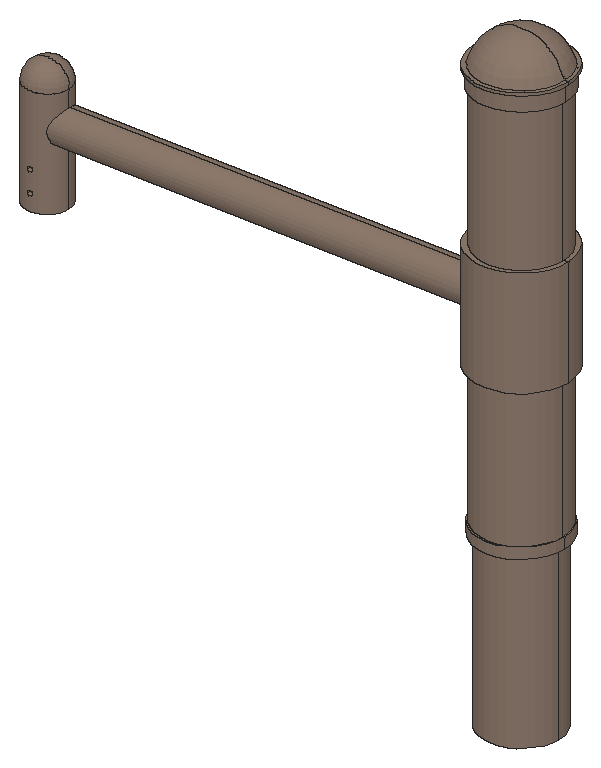
Revit family "PA333", category Generic Models, Revit 2014
Parameters
  TOP CAP = Bronze, Architectural
  TENON = Bronze, Architectural
  OUTLET = Bronze, Architectural
  BODY = Bronze, Architectural
  ARM = Bronze, Architectural
Reference planes (in)
  plane 1 "Center (Front/Back)": y = 0
  plane 2: z = 0
  plane 3 "Center (Left/Right)": x = 0
  plane 4: z = 116.5
Forms (in)
  Revolve 1, solid, material "Bronze, Architectural" <- "TENON"
    sketch origin (0, 0, 0) x (1, 0, 0) y (0, 0, 1)
      loop
        line (-1.75, 0) -> (0, 0) -> (0, 8) -> (-1.75, 8) -> (-1.75, 0)
      axis (0, 8) -> (0, 0)
    angle from 0 to 360
  Revolve 2, solid, material "Bronze, Architectural" <- "TENON"
    sketch origin (0, 0, 0) x (1, 0, 0) y (0, 0, 1)
      loop
        line (0, 8.5) -> (-2, 8.5) -> (-2, 8) -> (0, 8) -> (0, 8.5)
      axis (0, 8.5) -> (0, 8)
    angle from 0 to 360
  Revolve 3, solid, material "Bronze, Architectural" <- "BODY"
    sketch origin (0, 0, 0) x (1, 0, 0) y (0, 0, 1)
      loop
        line (-1.9375, 8.5) -> (0, 8.5) -> (0, 26.62557) -> (-1.9375, 26.62557) -> (-1.9375, 8.5)
      axis (0, 8.5) -> (0, 26.62557)
    angle from 0 to 360
  Revolve 4, solid, material "Bronze, Architectural" <- "BODY"
    sketch origin (0, 0, -2.25) x (1, 0, 0) y (0, 0, 1)
      loop
        line (0, 17.25) -> (0, 22.24998) -> (-2.18976, 22.24998) -> (-2.18976, 17.25) -> (0, 17.25)
      axis (0, 22.24998) -> (0, 17.25)
    angle from 0 to 360
  Revolve 5, solid, material "Bronze, Architectural" <- "TOP CAP"
    sketch origin (0, 0, -5.125) x (1, 0, 0) y (0, 0, 1)
      loop
        line (0, 32.625) -> (-2.1875, 32.625) -> (-2.1875, 32.48579) -> (-2.0625, 32.48579) -> (-2.0625, 31.75) -> (0, 31.75) -> (0, 32.625)
      axis (0, 32.625) -> (0, 31.75)
    angle from 0 to 360
  Revolve 6, solid, material "Bronze, Architectural" <- "TOP CAP"
    sketch origin (0, 0, -5.125) x (1, 0, 0) y (0, 0, 1)
      loop
        line (0, 32.625) -> (0, 34.125)
        arc (0, 34.125) -> (-1.24392, 33.70023) -> (-2, 32.625) r 2.125
        line (-2, 32.625) -> (0, 32.625)
      axis (0, 34.125) -> (0, 32.625)
    angle from 0 to 360
  Revolve 7, void
    sketch origin (0, 0, 0) x (1, 0, 0) y (0, 0, 1)
      loop
        line (0, 8.5) -> (-1.3125, 8.5) -> (-1.3125, 0) -> (0, 0) -> (0, 8.5)
      axis (0, 8.5) -> (0, 0)
    angle from 0 to 360
  Revolve 8, solid, material "Bronze, Architectural" <- "ARM"
    sketch origin (0, 0, 0.125) x (1, 0, 0) y (0, 0, 1)
      loop
        line (-21.51851, 17.375) -> (-0.00701, 17.375) -> (-0.00701, 18.1875) -> (-21.51851, 18.1875) -> (-21.51851, 17.375)
      axis (-0.00701, 17.375) -> (-21.51851, 17.375)
    angle from 0 to 360
  Revolve 9, solid, material "Bronze, Architectural" <- "OUTLET"
    sketch origin (-4.49036, 0, 3.48696) x (1, 0, 0) y (0, 0, 1)
      loop
        arc (-17.5, 16.57554) -> (-18.20711, 16.28264) -> (-18.5, 15.57554) r 1
        line (-18.5, 15.57554) -> (-18.5, 10.57554) -> (-17.5, 10.57554) -> (-17.5, 16.57554)
      axis (-17.5, 10.57554) -> (-17.5, 16.57554)
    angle from 0 to 360
  Revolve 10, void
    sketch origin (-9.375, 0, 0.125) x (1, 0, 0) y (0, 0, 1)
      loop
        line (-12.61536, 18.6875) -> (-13.44151, 18.6875) -> (-13.44151, 13.9375) -> (-12.61536, 13.9375) -> (-12.61536, 18.6875)
      axis (-12.61536, 13.9375) -> (-12.61536, 18.6875)
    angle from 0 to 360
  Extrusion 11, void
    sketch origin (0, 0, 0) x (1, 0, 0) y (0, 0, 1)
      loop
        circle (-21.99036, 14.8125) r 0.125
      loop
        circle (-21.99036, 15.8125) r 0.125
    from -1.05696 to 1.03348
Cuts and joins
  Revolve 7 cuts Revolve 1
  Revolve 7 cuts Revolve 2
  Revolve 7 cuts Revolve 3
  Revolve 10 cuts Revolve 8
  Revolve 10, Extrusion 11 cuts Revolve 9
Dimensions and locks (in)
  aligned and locked: plane 2 to level
